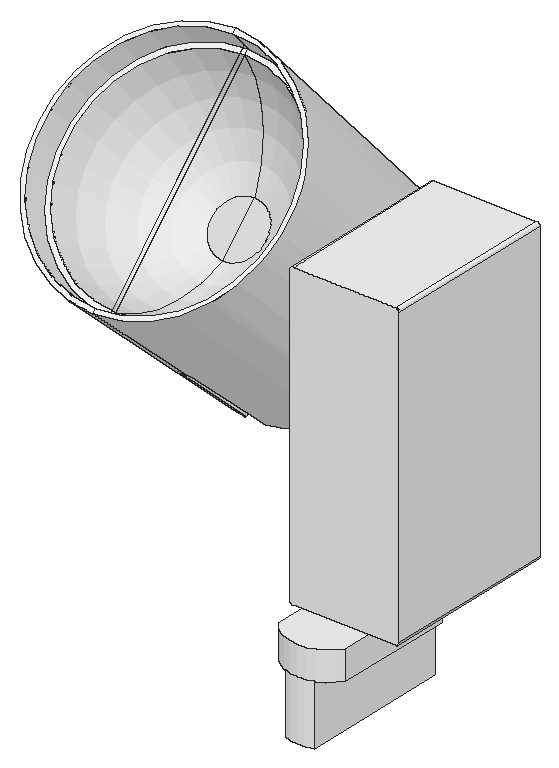
Revit family "0004880 Feilo Sylvania Lighting Fixture START TRACK SPOT L 55W 4K RA90 NB WHITE", category Lighting Fixtures, host Face, Revit 2017 (continued)
Definition of nested family "Start Track Spot Head"
  Types (96, lengths in mm): name | Wattage | built-in parameter 1150134 | Photometric Web File | Model | built-in parameter 1150105 | Lumens | built-in parameter 1150107 | built-in parameter 1150106 | HeadThickness_FEILO | HeadRibOffset_FEILO | HeadRibDepth_FEILO | HeadRibCutWidth_FEILO | HeadRibCutOffset_FEILO | HeadReflectorRadius_FEILO | HeadReflectorOffset_FEILO | HeadLEDRadius_FEILO | HeadHeight_FEILO | HeadDiffusorOffset_FEILO | HeadDiaOut_FEILO | HeadDiaIn_FEILO | HeadAxisFromTop_FEILO | Emit from Circle Diameter | built-in parameter 1150104 | Description | Apparent Load
    0004864 START TRACK SPOT S 24W 3K RA90 WB WHITE | 24 W | (empty or 0) | "0004864.ies" | "START TRACK SPOT S 24W 3K RA90 WB WHITE" | 152.79 (stored number, unit not read) | 1920 lm | 3000 (stored number, unit not read) | 1.5279 (stored number, unit not read) | 1.5 | 4.179 | 55.714 | 7.167 | 50.87 | 50.588 | 55.714 | 9.556 | 117 | 9.435 | 86 | 77.477 | 69.354 | 77.477 | 7.4322 (stored number, unit not read) | "Integrated LED spotlight, Textured White - RAL9016, compact and minimalist design, ideal for retail applications, die-cast aluminium body, passive cooling heatsink. Beam angle: 64°, color temperature: 3000K , total system power: 24W, total fixture output: 1928 lm, LOR: 100%, colour rendering: Ra: 90 typical, LED Chromaticity: 3 step MacAdam ellipse, lifetime: >50000 hours at L70B50, energy class: A++, A+, A, IR/UV free light source without heat radiation, operating voltage: 220-240V / 50-60Hz, drive current: 600mA, electronic driver, non-dimmable, power factor: 0.95, electrical protection: Class II, Global Track 3 Phase adapter suitable for Global trac 3-circuit tracks, ingress protection rating: IP20, suitable for internal environment only, horizontal rotation: 355°, vertical tilt: 90°, dimensions: Ø86x140x200, weight: 0.966kg." | 24 VA
    0004863 START TRACK SPOT S 24W 3K RA90 MB WHITE | 24 W | (empty or 0) | "0004863.ies" | "START TRACK SPOT S 24W 3K RA90 MB WHITE" | 154.7 (stored number, unit not read) | 1944 lm | 3000 (stored number, unit not read) | 1.547 (stored number, unit not read) | 1.5 | 4.179 | 55.714 | 7.167 | 50.87 | 50.588 | 55.714 | 9.556 | 117 | 9.435 | 86 | 77.477 | 69.354 | 77.477 | 7.5251 (stored number, unit not read) | "Integrated LED spotlight, Textured White - RAL9016, compact and minimalist design, ideal for retail applications, die-cast aluminium body, passive cooling heatsink. Beam angle: 36°, color temperature: 3000K , total system power: 24W, total fixture output: 1944 lm, LOR: 100%, colour rendering: Ra: 90 typical, LED Chromaticity: 3 step MacAdam ellipse, lifetime: >50000 hours at L70B50, energy class: A++, A+, A, IR/UV free light source without heat radiation, operating voltage: 220-240V / 50-60Hz, drive current: 600mA, electronic driver, non-dimmable, power factor: 0.95, electrical protection: Class II, Global Track 3 Phase adapter suitable for Global trac 3-circuit tracks, ingress protection rating: IP20, suitable for internal environment only, horizontal rotation: 355°, vertical tilt: 90°, dimensions: Ø86x140x200, weight: 0.966kg." | 24 VA
    0004862 START TRACK SPOT S 24W 3K RA90 NB WHITE | 24 W | (empty or 0) | "0004862.ies" | "START TRACK SPOT S 24W 3K RA90 NB WHITE" | 158.52 (stored number, unit not read) | 1992 lm | 3000 (stored number, unit not read) | 1.5852 (stored number, unit not read) | 1.5 | 4.179 | 55.714 | 7.167 | 50.87 | 50.588 | 55.714 | 9.556 | 117 | 9.435 | 86 | 77.477 | 69.354 | 77.477 | 7.711 (stored number, unit not read) | "Integrated LED spotlight, Textured White - RAL9016, compact and minimalist design, ideal for retail applications, die-cast aluminium body, passive cooling heatsink. Beam angle: 12°, color temperature: 3000K , total system power: 24W, total fixture output: 1987 lm, LOR: 100%, colour rendering: Ra: 90 typical, LED Chromaticity: 3 step MacAdam ellipse, lifetime: >50000 hours at L70B50, energy class: A++, A+, A, IR/UV free light source without heat radiation, operating voltage: 220-240V / 50-60Hz, drive current: 600mA, electronic driver, non-dimmable, power factor: 0.95, electrical protection: Class II, Global Track 3 Phase adapter suitable for Global trac 3-circuit tracks, ingress protection rating: IP20, suitable for internal environment only, horizontal rotation: 355°, vertical tilt: 90°, dimensions: Ø86x140x200, weight: 0.966kg." | 24 VA
    0004861 START TRACK SPOT S 14W 3K RA90 WB WHITE | 14 W | (empty or 0) | "0004861.ies" | "START TRACK SPOT S 14W 3K RA90 WB WHITE" | 100.27 (stored number, unit not read) | 1260 lm | 3000 (stored number, unit not read) | 1.0027 (stored number, unit not read) | 1.5 | 4.179 | 55.714 | 7.167 | 50.87 | 50.588 | 55.714 | 9.556 | 117 | 9.435 | 86 | 77.477 | 69.354 | 77.477 | 8.3613 (stored number, unit not read) | "Integrated LED spotlight, Textured White - RAL9016, compact and minimalist design, ideal for retail applications, die-cast aluminium body, passive cooling heatsink. Beam angle: 64°, color temperature: 3000K , total system power: 14W, total fixture output: 1262 lm, LOR: 100%, colour rendering: Ra: 90 typical, LED Chromaticity: 3 step MacAdam ellipse, lifetime: >50000 hours at L70B50, energy class: A++, A+, A, IR/UV free light source without heat radiation, operating voltage: 220-240V / 50-60Hz, drive current: 350mA, electronic driver, non-dimmable, power factor: 0.92, electrical protection: Class II, Global Track 3 Phase adapter suitable for Global trac 3-circuit tracks, ingress protection rating: IP20, suitable for internal environment only, horizontal rotation: 355°, vertical tilt: 90°, dimensions: Ø86x140x200, weight: 0.940kg." | 14 VA
    0004860 START TRACK SPOT S 14W 3K RA90 MB WHITE | 14 W | (empty or 0) | "0004860.ies" | "START TRACK SPOT S 14W 3K RA90 MB WHITE" | 100.27 (stored number, unit not read) | 1260 lm | 3000 (stored number, unit not read) | 1.0027 (stored number, unit not read) | 1.5 | 4.179 | 55.714 | 7.167 | 50.87 | 50.588 | 55.714 | 9.556 | 117 | 9.435 | 86 | 77.477 | 69.354 | 77.477 | 8.3613 (stored number, unit not read) | "Integrated LED spotlight, Textured White - RAL9016, compact and minimalist design, ideal for retail applications, die-cast aluminium body, passive cooling heatsink. Beam angle: 36°, color temperature: 3000K , total system power: 14W, total fixture output: 1262 lm, LOR: 100%, colour rendering: Ra: 90 typical, LED Chromaticity: 3 step MacAdam ellipse, lifetime: >50000 hours at L70B50, energy class: A++, A+, A, IR/UV free light source without heat radiation, operating voltage: 220-240V / 50-60Hz, drive current: 350mA, electronic driver, non-dimmable, power factor: 0.92, electrical protection: Class II, Global Track 3 Phase adapter suitable for Global trac 3-circuit tracks, ingress protection rating: IP20, suitable for internal environment only, horizontal rotation: 355°, vertical tilt: 90°, dimensions: Ø86x140x200, weight: 0.940kg." | 14 VA
    0004859 START TRACK SPOT S 14W 3K RA90 NB WHITE | 14 W | (empty or 0) | "0004859.ies" | "START TRACK SPOT S 14W 3K RA90 NB WHITE" | 102.5 (stored number, unit not read) | 1288 lm | 3000 (stored number, unit not read) | 1.025 (stored number, unit not read) | 1.5 | 4.179 | 55.714 | 7.167 | 50.87 | 50.588 | 55.714 | 9.556 | 117 | 9.435 | 86 | 77.477 | 69.354 | 77.477 | 8.5471 (stored number, unit not read) | "Integrated LED spotlight, Textured White - RAL9016, compact and minimalist design, ideal for retail applications, die-cast aluminium body, passive cooling heatsink. Beam angle: 12°, color temperature: 3000K , total system power: 14W, total fixture output: 1284 lm, LOR: 100%, colour rendering: Ra: 90 typical, LED Chromaticity: 3 step MacAdam ellipse, lifetime: >50000 hours at L70B50, energy class: A++, A+, A, IR/UV free light source without heat radiation, operating voltage: 220-240V / 50-60Hz, drive current: 350mA, electronic driver, non-dimmable, power factor: 0.92, electrical protection: Class II, Global Track 3 Phase adapter suitable for Global trac 3-circuit tracks, ingress protection rating: IP20, suitable for internal environment only, horizontal rotation: 355°, vertical tilt: 90°, dimensions: Ø86x140x200, weight: 0.940kg." | 14 VA
    0004858 START TRACK SPOT L 55W 4K RA80 WB BLACK | 55 W | 12 | "0004858.ies" | "START TRACK SPOT L 55W 4K RA80 WB BLACK" | 424.55 (stored number, unit not read) | 5335 lm | 4000 (stored number, unit not read) | 4.2455 (stored number, unit not read) | 2 | 4.429 | 59.048 | 9.417 | 53.913 | 66.471 | 59.048 | 12.556 | 124 | 10 | 113 | 101.802 | 73.503 | 101.802 | 9.0116 (stored number, unit not read) | "Integrated LED spotlight, Textured Black - RAL9005, compact and minimalist design, ideal for retail applications, die-cast aluminium body, passive cooling heatsink. Beam angle: 52°, color temperature: 4000K , total system power: 55W, total fixture output: 5320 lm, LOR: 100%, colour rendering: Ra: 80 typical, LED Chromaticity: 3 step MacAdam ellipse, lifetime: >50000 hours at L70B50, energy class: A++, A+, A, IR/UV free light source without heat radiation, operating voltage: 220-240V / 50-60Hz, drive current: 1400mA, electronic driver, non-dimmable, power factor: 0.96, electrical protection: Class II, Global Track 3 Phase adapter suitable for Global trac 3-circuit tracks, ingress protection rating: IP20, suitable for internal environment only, horizontal rotation: 355°, vertical tilt: 90°, dimensions: Ø113x164x240, weight: 1.398kg." | 55 VA
    0004857 START TRACK SPOT L 55W 4K RA80 MB BLACK | 55 W | 12 | "0004857.ies" | "START TRACK SPOT L 55W 4K RA80 MB BLACK" | 428.92 (stored number, unit not read) | 5390 lm | 4000 (stored number, unit not read) | 4.2892 (stored number, unit not read) | 2 | 4.429 | 59.048 | 9.417 | 53.913 | 66.471 | 59.048 | 12.556 | 124 | 10 | 113 | 101.802 | 73.503 | 101.802 | 9.1045 (stored number, unit not read) | "Integrated LED spotlight, Textured Black - RAL9005, compact and minimalist design, ideal for retail applications, die-cast aluminium body, passive cooling heatsink. Beam angle: 38°, color temperature: 4000K , total system power: 55W, total fixture output: 5378 lm, LOR: 100%, colour rendering: Ra: 80 typical, LED Chromaticity: 3 step MacAdam ellipse, lifetime: >50000 hours at L70B50, energy class: A++, A+, A, IR/UV free light source without heat radiation, operating voltage: 220-240V / 50-60Hz, drive current: 1400mA, electronic driver, non-dimmable, power factor: 0.96, electrical protection: Class II, Global Track 3 Phase adapter suitable for Global trac 3-circuit tracks, ingress protection rating: IP20, suitable for internal environment only, horizontal rotation: 355°, vertical tilt: 90°, dimensions: Ø113x164x240, weight: 1.398kg." | 55 VA
    0004856 START TRACK SPOT L 55W 4K RA80 NB BLACK | 55 W | 12 | "0004856.ies" | "START TRACK SPOT L 55W 4K RA80 NB BLACK" | 433.3 (stored number, unit not read) | 5445 lm | 4000 (stored number, unit not read) | 4.333 (stored number, unit not read) | 2 | 4.429 | 59.048 | 9.417 | 53.913 | 66.471 | 59.048 | 12.556 | 124 | 10 | 113 | 101.802 | 73.503 | 101.802 | 9.1974 (stored number, unit not read) | "Integrated LED spotlight, Textured Black - RAL9005, compact and minimalist design, ideal for retail applications, die-cast aluminium body, passive cooling heatsink. Beam angle: 15°, color temperature: 4000K , total system power: 55W, total fixture output: 5426 lm, LOR: 100%, colour rendering: Ra: 80 typical, LED Chromaticity: 3 step MacAdam ellipse, lifetime: >50000 hours at L70B50, energy class: A++, A+, A, IR/UV free light source without heat radiation, operating voltage: 220-240V / 50-60Hz, drive current: 1400mA, electronic driver, non-dimmable, power factor: 0.96, electrical protection: Class II, Global Track 3 Phase adapter suitable for Global trac 3-circuit tracks, ingress protection rating: IP20, suitable for internal environment only, horizontal rotation: 355°, vertical tilt: 90°, dimensions: Ø113x164x240, weight: 1.398kg." | 55 VA
    0004855 START TRACK SPOT L 35W 4K RA80 WB BLACK | 35 W | 12 | "0004855.ies" | "START TRACK SPOT L 35W 4K RA80 WB BLACK" | 320.3 (stored number, unit not read) | 4025 lm | 4000 (stored number, unit not read) | 3.203 (stored number, unit not read) | 2 | 4.429 | 59.048 | 9.417 | 53.913 | 66.471 | 59.048 | 12.556 | 124 | 10 | 113 | 101.802 | 73.503 | 101.802 | 10.684 (stored number, unit not read) | "Integrated LED spotlight, Textured Black - RAL9005, compact and minimalist design, ideal for retail applications, die-cast aluminium body, passive cooling heatsink. Beam angle: 52°, color temperature: 4000K , total system power: 35W, total fixture output: 4010 lm, LOR: 100%, colour rendering: Ra: 80 typical, LED Chromaticity: 3 step MacAdam ellipse, lifetime: >50000 hours at L70B50, energy class: A++, A+, A, IR/UV free light source without heat radiation, operating voltage: 220-240V / 50-60Hz, drive current: 900mA, electronic driver, non-dimmable, power factor: 0.93, electrical protection: Class II, Global Track 3 Phase adapter suitable for Global trac 3-circuit tracks, ingress protection rating: IP20, suitable for internal environment only, horizontal rotation: 355°, vertical tilt: 90°, dimensions: Ø113x164x240, weight: 1.368kg." | 35 VA
    0004854 START TRACK SPOT L 35W 4K RA80 MB BLACK | 35 W | 12 | "0004854.ies" | "START TRACK SPOT L 35W 4K RA80 MB BLACK" | 320.3 (stored number, unit not read) | 4025 lm | 4000 (stored number, unit not read) | 3.203 (stored number, unit not read) | 2 | 4.429 | 59.048 | 9.417 | 53.913 | 66.471 | 59.048 | 12.556 | 124 | 10 | 113 | 101.802 | 73.503 | 101.802 | 10.684 (stored number, unit not read) | "Integrated LED spotlight, Textured Black - RAL9005, compact and minimalist design, ideal for retail applications, die-cast aluminium body, passive cooling heatsink. Beam angle: 38°, color temperature: 4000K , total system power: 35W, total fixture output: 4017 lm, LOR: 100%, colour rendering: Ra: 80 typical, LED Chromaticity: 3 step MacAdam ellipse, lifetime: >50000 hours at L70B50, energy class: A++, A+, A, IR/UV free light source without heat radiation, operating voltage: 220-240V / 50-60Hz, drive current: 900mA, electronic driver, non-dimmable, power factor: 0.93, electrical protection: Class II, Global Track 3 Phase adapter suitable for Global trac 3-circuit tracks, ingress protection rating: IP20, suitable for internal environment only, horizontal rotation: 355°, vertical tilt: 90°, dimensions: Ø113x164x240, weight: 1.368kg." | 35 VA
    0004853 START TRACK SPOT L 35W 4K RA80 NB BLACK | 35 W | 12 | "0004853.ies" | "START TRACK SPOT L 35W 4K RA80 NB BLACK" | 331.44 (stored number, unit not read) | 4165 lm | 4000 (stored number, unit not read) | 3.3144 (stored number, unit not read) | 2 | 4.429 | 59.048 | 9.417 | 53.913 | 66.471 | 59.048 | 12.556 | 124 | 10 | 113 | 101.802 | 73.503 | 101.802 | 11.055 (stored number, unit not read) | "Integrated LED spotlight, Textured Black - RAL9005, compact and minimalist design, ideal for retail applications, die-cast aluminium body, passive cooling heatsink. Beam angle: 15°, color temperature: 4000K , total system power: 35W, total fixture output: 4174 lm, LOR: 100%, colour rendering: Ra: 80 typical, LED Chromaticity: 3 step MacAdam ellipse, lifetime: >50000 hours at L70B50, energy class: A++, A+, A, IR/UV free light source without heat radiation, operating voltage: 220-240V / 50-60Hz, drive current: 900mA, electronic driver, non-dimmable, power factor: 0.93, electrical protection: Class II, Global Track 3 Phase adapter suitable for Global trac 3-circuit tracks, ingress protection rating: IP20, suitable for internal environment only, horizontal rotation: 355°, vertical tilt: 90°, dimensions: Ø113x164x240, weight: 1.368kg." | 35 VA
    0004852 START TRACK SPOT S 24W 4K RA80 WB BLACK | 24 W | 12 | "0004852.ies" | "START TRACK SPOT S 24W 4K RA80 WB BLACK" | 196.72 (stored number, unit not read) | 2472 lm | 4000 (stored number, unit not read) | 1.9672 (stored number, unit not read) | 1.5 | 4.179 | 55.714 | 7.167 | 50.87 | 50.588 | 55.714 | 9.556 | 117 | 9.435 | 86 | 77.477 | 69.354 | 77.477 | 9.569 (stored number, unit not read) | "Integrated LED spotlight, Textured Black - RAL9005, compact and minimalist design, ideal for retail applications, die-cast aluminium body, passive cooling heatsink. Beam angle: 64°, color temperature: 4000K , total system power: 24W, total fixture output: 2476 lm, LOR: 100%, colour rendering: Ra: 80 typical, LED Chromaticity: 3 step MacAdam ellipse, lifetime: >50000 hours at L70B50, energy class: A++, A+, A, IR/UV free light source without heat radiation, operating voltage: 220-240V / 50-60Hz, drive current: 600mA, electronic driver, non-dimmable, power factor: 0.95, electrical protection: Class II, Global Track 3 Phase adapter suitable for Global trac 3-circuit tracks, ingress protection rating: IP20, suitable for internal environment only, horizontal rotation: 355°, vertical tilt: 90°, dimensions: Ø86x140x200, weight: 0.966kg." | 24 VA
    0004851 START TRACK SPOT S 24W 4K RA80 MB BLACK | 24 W | 12 | "0004851.ies" | "START TRACK SPOT S 24W 4K RA80 MB BLACK" | 198.63 (stored number, unit not read) | 2496 lm | 4000 (stored number, unit not read) | 1.9863 (stored number, unit not read) | 1.5 | 4.179 | 55.714 | 7.167 | 50.87 | 50.588 | 55.714 | 9.556 | 117 | 9.435 | 86 | 77.477 | 69.354 | 77.477 | 9.6619 (stored number, unit not read) | "Integrated LED spotlight, Textured Black - RAL9005, compact and minimalist design, ideal for retail applications, die-cast aluminium body, passive cooling heatsink. Beam angle: 36°, color temperature: 4000K , total system power: 24W, total fixture output: 2487 lm, LOR: 100%, colour rendering: Ra: 80 typical, LED Chromaticity: 3 step MacAdam ellipse, lifetime: >50000 hours at L70B50, energy class: A++, A+, A, IR/UV free light source without heat radiation, operating voltage: 220-240V / 50-60Hz, drive current: 600mA, electronic driver, non-dimmable, power factor: 0.95, electrical protection: Class II, Global Track 3 Phase adapter suitable for Global trac 3-circuit tracks, ingress protection rating: IP20, suitable for internal environment only, horizontal rotation: 355°, vertical tilt: 90°, dimensions: Ø86x140x200, weight: 0.966kg." | 24 VA
    0004850 START TRACK SPOT S 24W 4K RA80 NB BLACK | 24 W | 12 | "0004850.ies" | "START TRACK SPOT S 24W 4K RA80 NB BLACK" | 200.54 (stored number, unit not read) | 2520 lm | 4000 (stored number, unit not read) | 2.0054 (stored number, unit not read) | 1.5 | 4.179 | 55.714 | 7.167 | 50.87 | 50.588 | 55.714 | 9.556 | 117 | 9.435 | 86 | 77.477 | 69.354 | 77.477 | 9.7548 (stored number, unit not read) | "Integrated LED spotlight, Textured Black - RAL9005, compact and minimalist design, ideal for retail applications, die-cast aluminium body, passive cooling heatsink. Beam angle: 12°, color temperature: 4000K , total system power: 24W, total fixture output: 2529 lm, LOR: 100%, colour rendering: Ra: 80 typical, LED Chromaticity: 3 step MacAdam ellipse, lifetime: >50000 hours at L70B50, energy class: A++, A+, A, IR/UV free light source without heat radiation, operating voltage: 220-240V / 50-60Hz, drive current: 600mA, electronic driver, non-dimmable, power factor: 0.95, electrical protection: Class II, Global Track 3 Phase adapter suitable for Global trac 3-circuit tracks, ingress protection rating: IP20, suitable for internal environment only, horizontal rotation: 355°, vertical tilt: 90°, dimensions: Ø86x140x200, weight: 0.966kg." | 24 VA
    0004849 START TRACK SPOT S 14W 4K RA80 WB BLACK | 14 W | 12 | "0004849.ies" | "START TRACK SPOT S 14W 4K RA80 WB BLACK" | 123.66 (stored number, unit not read) | 1554 lm | 4000 (stored number, unit not read) | 1.2366 (stored number, unit not read) | 1.5 | 4.179 | 55.714 | 7.167 | 50.87 | 50.588 | 55.714 | 9.556 | 117 | 9.435 | 86 | 77.477 | 69.354 | 77.477 | 10.312 (stored number, unit not read) | "Integrated LED spotlight, Textured Black - RAL9005, compact and minimalist design, ideal for retail applications, die-cast aluminium body, passive cooling heatsink. Beam angle: 64°, color temperature: 4000K , total system power: 14W, total fixture output: 1558 lm, LOR: 100%, colour rendering: Ra: 80 typical, LED Chromaticity: 3 step MacAdam ellipse, lifetime: >50000 hours at L70B50, energy class: A++, A+, A, IR/UV free light source without heat radiation, operating voltage: 220-240V / 50-60Hz, drive current: 350mA, electronic driver, non-dimmable, power factor: 0.92, electrical protection: Class II, Global Track 3 Phase adapter suitable for Global trac 3-circuit tracks, ingress protection rating: IP20, suitable for internal environment only, horizontal rotation: 355°, vertical tilt: 90°, dimensions: Ø86x140x200, weight: 0.940kg." | 14 VA
    0004848 START TRACK SPOT S 14W 4K RA80 MB BLACK | 14 W | 12 | "0004848.ies" | "START TRACK SPOT S 14W 4K RA80 MB BLACK" | 127.01 (stored number, unit not read) | 1596 lm | 4000 (stored number, unit not read) | 1.2701 (stored number, unit not read) | 1.5 | 4.179 | 55.714 | 7.167 | 50.87 | 50.588 | 55.714 | 9.556 | 117 | 9.435 | 86 | 77.477 | 69.354 | 77.477 | 10.591 (stored number, unit not read) | "Integrated LED spotlight, Textured Black - RAL9005, compact and minimalist design, ideal for retail applications, die-cast aluminium body, passive cooling heatsink. Beam angle: 36°, color temperature: 4000K , total system power: 14W, total fixture output: 1598 lm, LOR: 100%, colour rendering: Ra: 80 typical, LED Chromaticity: 3 step MacAdam ellipse, lifetime: >50000 hours at L70B50, energy class: A++, A+, A, IR/UV free light source without heat radiation, operating voltage: 220-240V / 50-60Hz, drive current: 350mA, electronic driver, non-dimmable, power factor: 0.92, electrical protection: Class II, Global Track 3 Phase adapter suitable for Global trac 3-circuit tracks, ingress protection rating: IP20, suitable for internal environment only, horizontal rotation: 355°, vertical tilt: 90°, dimensions: Ø86x140x200, weight: 0.940kg." | 14 VA
    0004847 START TRACK SPOT S 14W 4K RA80 NB BLACK | 14 W | 12 | "0004847.ies" | "START TRACK SPOT S 14W 4K RA80 NB BLACK" | 128.12 (stored number, unit not read) | 1610 lm | 4000 (stored number, unit not read) | 1.2812 (stored number, unit not read) | 1.5 | 4.179 | 55.714 | 7.167 | 50.87 | 50.588 | 55.714 | 9.556 | 117 | 9.435 | 86 | 77.477 | 69.354 | 77.477 | 10.684 (stored number, unit not read) | "Integrated LED spotlight, Textured Black - RAL9005, compact and minimalist design, ideal for retail applications, die-cast aluminium body, passive cooling heatsink. Beam angle: 12°, color temperature: 4000K , total system power: 14W, total fixture output: 1608 lm, LOR: 100%, colour rendering: Ra: 80 typical, LED Chromaticity: 3 step MacAdam ellipse, lifetime: >50000 hours at L70B50, energy class: A++, A+, A, IR/UV free light source without heat radiation, operating voltage: 220-240V / 50-60Hz, drive current: 350mA, electronic driver, non-dimmable, power factor: 0.92, electrical protection: Class II, Global Track 3 Phase adapter suitable for Global trac 3-circuit tracks, ingress protection rating: IP20, suitable for internal environment only, horizontal rotation: 355°, vertical tilt: 90°, dimensions: Ø86x140x200, weight: 0.940kg." | 14 VA
    0004846 START TRACK SPOT L 55W 3K RA80 WB BLACK | 55 W | (empty or 0) | "0004846.ies" | "START TRACK SPOT L 55W 3K RA80 WB BLACK" | 420.17 (stored number, unit not read) | 5280 lm | 3000 (stored number, unit not read) | 4.2017 (stored number, unit not read) | 2 | 4.429 | 59.048 | 9.417 | 53.913 | 66.471 | 59.048 | 12.556 | 124 | 10 | 113 | 101.802 | 73.503 | 101.802 | 8.9187 (stored number, unit not read) | "Integrated LED spotlight, Textured Black - RAL9005, compact and minimalist design, ideal for retail applications, die-cast aluminium body, passive cooling heatsink. Beam angle: 52°, color temperature: 3000K , total system power: 55W, total fixture output: 5298 lm, LOR: 100%, colour rendering: Ra: 80 typical, LED Chromaticity: 3 step MacAdam ellipse, lifetime: >50000 hours at L70B50, energy class: A++, A+, A, IR/UV free light source without heat radiation, operating voltage: 220-240V / 50-60Hz, drive current: 1400mA, electronic driver, non-dimmable, power factor: 0.96, electrical protection: Class II, Global Track 3 Phase adapter suitable for Global trac 3-circuit tracks, ingress protection rating: IP20, suitable for internal environment only, horizontal rotation: 355°, vertical tilt: 90°, dimensions: Ø113x164x240, weight: 1.398kg." | 55 VA
    0004845 START TRACK SPOT L 55W 3K RA80 MB BLACK | 55 W | (empty or 0) | "0004845.ies" | "START TRACK SPOT L 55W 3K RA80 MB BLACK" | 428.92 (stored number, unit not read) | 5390 lm | 3000 (stored number, unit not read) | 4.2892 (stored number, unit not read) | 2 | 4.429 | 59.048 | 9.417 | 53.913 | 66.471 | 59.048 | 12.556 | 124 | 10 | 113 | 101.802 | 73.503 | 101.802 | 9.1045 (stored number, unit not read) | "Integrated LED spotlight, Textured Black - RAL9005, compact and minimalist design, ideal for retail applications, die-cast aluminium body, passive cooling heatsink. Beam angle: 38°, color temperature: 3000K , total system power: 55W, total fixture output: 5381 lm, LOR: 100%, colour rendering: Ra: 80 typical, LED Chromaticity: 3 step MacAdam ellipse, lifetime: >50000 hours at L70B50, energy class: A++, A+, A, IR/UV free light source without heat radiation, operating voltage: 220-240V / 50-60Hz, drive current: 1400mA, electronic driver, non-dimmable, power factor: 0.96, electrical protection: Class II, Global Track 3 Phase adapter suitable for Global trac 3-circuit tracks, ingress protection rating: IP20, suitable for internal environment only, horizontal rotation: 355°, vertical tilt: 90°, dimensions: Ø113x164x240, weight: 1.398kg." | 55 VA
    0004844 START TRACK SPOT L 55W 3K RA80 NB BLACK | 55 W | (empty or 0) | "0004844.ies" | "START TRACK SPOT L 55W 3K RA80 NB BLACK" | 433.3 (stored number, unit not read) | 5445 lm | 3000 (stored number, unit not read) | 4.333 (stored number, unit not read) | 2 | 4.429 | 59.048 | 9.417 | 53.913 | 66.471 | 59.048 | 12.556 | 124 | 10 | 113 | 101.802 | 73.503 | 101.802 | 9.1974 (stored number, unit not read) | "Integrated LED spotlight, Textured Black - RAL9005, compact and minimalist design, ideal for retail applications, die-cast aluminium body, passive cooling heatsink. Beam angle: 15°, color temperature: 3000K , total system power: 55W, total fixture output: 5449 lm, LOR: 100%, colour rendering: Ra: 80 typical, LED Chromaticity: 3 step MacAdam ellipse, lifetime: >50000 hours at L70B50, energy class: A++, A+, A, IR/UV free light source without heat radiation, operating voltage: 220-240V / 50-60Hz, drive current: 1400mA, electronic driver, non-dimmable, power factor: 0.96, electrical protection: Class II, Global Track 3 Phase adapter suitable for Global trac 3-circuit tracks, ingress protection rating: IP20, suitable for internal environment only, horizontal rotation: 355°, vertical tilt: 90°, dimensions: Ø113x164x240, weight: 1.398kg." | 55 VA
    0004843 START TRACK SPOT L 35W 3K RA80 WB BLACK | 35 W | (empty or 0) | "0004843.ies" | "START TRACK SPOT L 35W 3K RA80 WB BLACK" | 314.73 (stored number, unit not read) | 3955 lm | 3000 (stored number, unit not read) | 3.1473 (stored number, unit not read) | 2 | 4.429 | 59.048 | 9.417 | 53.913 | 66.471 | 59.048 | 12.556 | 124 | 10 | 113 | 101.802 | 73.503 | 101.802 | 10.498 (stored number, unit not read) | "Integrated LED spotlight, Textured Black - RAL9005, compact and minimalist design, ideal for retail applications, die-cast aluminium body, passive cooling heatsink. Beam angle: 52°, color temperature: 3000K , total system power: 35W, total fixture output: 3943 lm, LOR: 100%, colour rendering: Ra: 80 typical, LED Chromaticity: 3 step MacAdam ellipse, lifetime: >50000 hours at L70B50, energy class: A++, A+, A, IR/UV free light source without heat radiation, operating voltage: 220-240V / 50-60Hz, drive current: 900mA, electronic driver, non-dimmable, power factor: 0.93, electrical protection: Class II, Global Track 3 Phase adapter suitable for Global trac 3-circuit tracks, ingress protection rating: IP20, suitable for internal environment only, horizontal rotation: 355°, vertical tilt: 90°, dimensions: Ø113x164x240, weight: 1.368kg." | 35 VA
    0004842 START TRACK SPOT L 35W 3K RA80 MB BLACK | 35 W | (empty or 0) | "0004842.ies" | "START TRACK SPOT L 35W 3K RA80 MB BLACK" | 320.3 (stored number, unit not read) | 4025 lm | 3000 (stored number, unit not read) | 3.203 (stored number, unit not read) | 2 | 4.429 | 59.048 | 9.417 | 53.913 | 66.471 | 59.048 | 12.556 | 124 | 10 | 113 | 101.802 | 73.503 | 101.802 | 10.684 (stored number, unit not read) | "Integrated LED spotlight, Textured Black - RAL9005, compact and minimalist design, ideal for retail applications, die-cast aluminium body, passive cooling heatsink. Beam angle: 38°, color temperature: 3000K , total system power: 35W, total fixture output: 4008 lm, LOR: 100%, colour rendering: Ra: 80 typical, LED Chromaticity: 3 step MacAdam ellipse, lifetime: >50000 hours at L70B50, energy class: A++, A+, A, IR/UV free light source without heat radiation, operating voltage: 220-240V / 50-60Hz, drive current: 900mA, electronic driver, non-dimmable, power factor: 0.93, electrical protection: Class II, Global Track 3 Phase adapter suitable for Global trac 3-circuit tracks, ingress protection rating: IP20, suitable for internal environment only, horizontal rotation: 355°, vertical tilt: 90°, dimensions: Ø113x164x240, weight: 1.368kg." | 35 VA
    0004841 START TRACK SPOT L 35W 3K RA80 NB BLACK | 35 W | (empty or 0) | "0004841.ies" | "START TRACK SPOT L 35W 3K RA80 NB BLACK" | 317.51 (stored number, unit not read) | 3990 lm | 3000 (stored number, unit not read) | 3.1751 (stored number, unit not read) | 2 | 4.429 | 59.048 | 9.417 | 53.913 | 66.471 | 59.048 | 12.556 | 124 | 10 | 113 | 101.802 | 73.503 | 101.802 | 10.591 (stored number, unit not read) | "Integrated LED spotlight, Textured Black - RAL9005, compact and minimalist design, ideal for retail applications, die-cast aluminium body, passive cooling heatsink. Beam angle: 15°, color temperature: 3000K , total system power: 35W, total fixture output: 4005 lm, LOR: 100%, colour rendering: Ra: 80 typical, LED Chromaticity: 3 step MacAdam ellipse, lifetime: >50000 hours at L70B50, energy class: A++, A+, A, IR/UV free light source without heat radiation, operating voltage: 220-240V / 50-60Hz, drive current: 900mA, electronic driver, non-dimmable, power factor: 0.93, electrical protection: Class II, Global Track 3 Phase adapter suitable for Global trac 3-circuit tracks, ingress protection rating: IP20, suitable for internal environment only, horizontal rotation: 355°, vertical tilt: 90°, dimensions: Ø113x164x240, weight: 1.368kg." | 35 VA
    0004840 START TRACK SPOT S 24W 3K RA80 WB BLACK | 24 W | (empty or 0) | "0004840.ies" | "START TRACK SPOT S 24W 3K RA80 WB BLACK" | 185.26 (stored number, unit not read) | 2328 lm | 3000 (stored number, unit not read) | 1.8526 (stored number, unit not read) | 1.5 | 4.179 | 55.714 | 7.167 | 50.87 | 50.588 | 55.714 | 9.556 | 117 | 9.435 | 86 | 77.477 | 69.354 | 77.477 | 9.0116 (stored number, unit not read) | "Integrated LED spotlight, Textured Black - RAL9005, compact and minimalist design, ideal for retail applications, die-cast aluminium body, passive cooling heatsink. Beam angle: 64°, color temperature: 3000K , total system power: 24W, total fixture output: 2318 lm, LOR: 100%, colour rendering: Ra: 80 typical, LED Chromaticity: 3 step MacAdam ellipse, lifetime: >50000 hours at L70B50, energy class: A++, A+, A, IR/UV free light source without heat radiation, operating voltage: 220-240V / 50-60Hz, drive current: 600mA, electronic driver, non-dimmable, power factor: 0.95, electrical protection: Class II, Global Track 3 Phase adapter suitable for Global trac 3-circuit tracks, ingress protection rating: IP20, suitable for internal environment only, horizontal rotation: 355°, vertical tilt: 90°, dimensions: Ø86x140x200, weight: 0.966kg." | 24 VA
    0004839 START TRACK SPOT S 24W 3K RA80 MB BLACK | 24 W | (empty or 0) | "0004839.ies" | "START TRACK SPOT S 24W 3K RA80 MB BLACK" | 183.35 (stored number, unit not read) | 2304 lm | 3000 (stored number, unit not read) | 1.8335 (stored number, unit not read) | 1.5 | 4.179 | 55.714 | 7.167 | 50.87 | 50.588 | 55.714 | 9.556 | 117 | 9.435 | 86 | 77.477 | 69.354 | 77.477 | 8.9187 (stored number, unit not read) | "Integrated LED spotlight, Textured Black - RAL9005, compact and minimalist design, ideal for retail applications, die-cast aluminium body, passive cooling heatsink. Beam angle: 36°, color temperature: 3000K , total system power: 24W, total fixture output: 2314 lm, LOR: 100%, colour rendering: Ra: 80 typical, LED Chromaticity: 3 step MacAdam ellipse, lifetime: >50000 hours at L70B50, energy class: A++, A+, A, IR/UV free light source without heat radiation, operating voltage: 220-240V / 50-60Hz, drive current: 600mA, electronic driver, non-dimmable, power factor: 0.95, electrical protection: Class II, Global Track 3 Phase adapter suitable for Global trac 3-circuit tracks, ingress protection rating: IP20, suitable for internal environment only, horizontal rotation: 355°, vertical tilt: 90°, dimensions: Ø86x140x200, weight: 0.966kg." | 24 VA
    0004838 START TRACK SPOT S 24W 3K RA80 NB BLACK | 24 W | (empty or 0) | "0004838.ies" | "START TRACK SPOT S 24W 3K RA80 NB BLACK" | 185.26 (stored number, unit not read) | 2328 lm | 3000 (stored number, unit not read) | 1.8526 (stored number, unit not read) | 1.5 | 4.179 | 55.714 | 7.167 | 50.87 | 50.588 | 55.714 | 9.556 | 117 | 9.435 | 86 | 77.477 | 69.354 | 77.477 | 9.0116 (stored number, unit not read) | "Integrated LED spotlight, Textured Black - RAL9005, compact and minimalist design, ideal for retail applications, die-cast aluminium body, passive cooling heatsink. Beam angle: 12°, color temperature: 3000K , total system power: 24W, total fixture output: 2334 lm, LOR: 100%, colour rendering: Ra: 80 typical, LED Chromaticity: 3 step MacAdam ellipse, lifetime: >50000 hours at L70B50, energy class: A++, A+, A, IR/UV free light source without heat radiation, operating voltage: 220-240V / 50-60Hz, drive current: 600mA, electronic driver, non-dimmable, power factor: 0.95, electrical protection: Class II, Global Track 3 Phase adapter suitable for Global trac 3-circuit tracks, ingress protection rating: IP20, suitable for internal environment only, horizontal rotation: 355°, vertical tilt: 90°, dimensions: Ø86x140x200, weight: 0.966kg." | 24 VA
    0004837 START TRACK SPOT S 14W 3K RA80 WB BLACK | 14 W | (empty or 0) | "0004837.ies" | "START TRACK SPOT S 14W 3K RA80 WB BLACK" | 119.21 (stored number, unit not read) | 1498 lm | 3000 (stored number, unit not read) | 1.1921 (stored number, unit not read) | 1.5 | 4.179 | 55.714 | 7.167 | 50.87 | 50.588 | 55.714 | 9.556 | 117 | 9.435 | 86 | 77.477 | 69.354 | 77.477 | 9.9406 (stored number, unit not read) | "Integrated LED spotlight, Textured Black - RAL9005, compact and minimalist design, ideal for retail applications, die-cast aluminium body, passive cooling heatsink. Beam angle: 64°, color temperature: 3000K , total system power: 14W, total fixture output: 1498 lm, LOR: 100%, colour rendering: Ra: 80 typical, LED Chromaticity: 3 step MacAdam ellipse, lifetime: >50000 hours at L70B50, energy class: A++, A+, A, IR/UV free light source without heat radiation, operating voltage: 220-240V / 50-60Hz, drive current: 350mA, electronic driver, non-dimmable, power factor: 0.92, electrical protection: Class II, Global Track 3 Phase adapter suitable for Global trac 3-circuit tracks, ingress protection rating: IP20, suitable for internal environment only, horizontal rotation: 355°, vertical tilt: 90°, dimensions: Ø86x140x200, weight: 0.940kg." | 14 VA
    0004836 START TRACK SPOT S 14W 3K RA80 MB BLACK | 14 W | (empty or 0) | "0004836.ies" | "START TRACK SPOT S 14W 3K RA80 MB BLACK" | 120.32 (stored number, unit not read) | 1512 lm | 3000 (stored number, unit not read) | 1.2032 (stored number, unit not read) | 1.5 | 4.179 | 55.714 | 7.167 | 50.87 | 50.588 | 55.714 | 9.556 | 117 | 9.435 | 86 | 77.477 | 69.354 | 77.477 | 10.034 (stored number, unit not read) | "Integrated LED spotlight, Textured Black - RAL9005, compact and minimalist design, ideal for retail applications, die-cast aluminium body, passive cooling heatsink. Beam angle: 36°, color temperature: 3000K , total system power: 14W, total fixture output: 1508 lm, LOR: 100%, colour rendering: Ra: 80 typical, LED Chromaticity: 3 step MacAdam ellipse, lifetime: >50000 hours at L70B50, energy class: A++, A+, A, IR/UV free light source without heat radiation, operating voltage: 220-240V / 50-60Hz, drive current: 350mA, electronic driver, non-dimmable, power factor: 0.92, electrical protection: Class II, Global Track 3 Phase adapter suitable for Global trac 3-circuit tracks, ingress protection rating: IP20, suitable for internal environment only, horizontal rotation: 355°, vertical tilt: 90°, dimensions: Ø86x140x200, weight: 0.940kg." | 14 VA
    0004835 START TRACK SPOT S 14W 3K RA80 NB BLACK | 14 W | (empty or 0) | "0004835.ies" | "START TRACK SPOT S 14W 3K RA80 NB BLACK" | 123.66 (stored number, unit not read) | 1554 lm | 3000 (stored number, unit not read) | 1.2366 (stored number, unit not read) | 1.5 | 4.179 | 55.714 | 7.167 | 50.87 | 50.588 | 55.714 | 9.556 | 117 | 9.435 | 86 | 77.477 | 69.354 | 77.477 | 10.312 (stored number, unit not read) | "Integrated LED spotlight, Textured Black - RAL9005, compact and minimalist design, ideal for retail applications, die-cast aluminium body, passive cooling heatsink. Beam angle: 12°, color temperature: 3000K , total system power: 14W, total fixture output: 1551 lm, LOR: 100%, colour rendering: Ra: 80 typical, LED Chromaticity: 3 step MacAdam ellipse, lifetime: >50000 hours at L70B50, energy class: A++, A+, A, IR/UV free light source without heat radiation, operating voltage: 220-240V / 50-60Hz, drive current: 350mA, electronic driver, non-dimmable, power factor: 0.92, electrical protection: Class II, Global Track 3 Phase adapter suitable for Global trac 3-circuit tracks, ingress protection rating: IP20, suitable for internal environment only, horizontal rotation: 355°, vertical tilt: 90°, dimensions: Ø86x140x200, weight: 0.940kg." | 14 VA
    0004834 START TRACK SPOT L 55W 4K RA80 WB WHITE | 55 W | 12 | "0004834.ies" | "START TRACK SPOT L 55W 4K RA80 WB WHITE" | 424.55 (stored number, unit not read) | 5335 lm | 4000 (stored number, unit not read) | 4.2455 (stored number, unit not read) | 2 | 4.429 | 59.048 | 9.417 | 53.913 | 66.471 | 59.048 | 12.556 | 124 | 10 | 113 | 101.802 | 73.503 | 101.802 | 9.0116 (stored number, unit not read) | "Integrated LED spotlight, Textured White - RAL9016, compact and minimalist design, ideal for retail applications, die-cast aluminium body, passive cooling heatsink. Beam angle: 52°, color temperature: 4000K , total system power: 55W, total fixture output: 5320 lm, LOR: 100%, colour rendering: Ra: 80 typical, LED Chromaticity: 3 step MacAdam ellipse, lifetime: >50000 hours at L70B50, energy class: A++, A+, A, IR/UV free light source without heat radiation, operating voltage: 220-240V / 50-60Hz, drive current: 1400mA, electronic driver, non-dimmable, power factor: 0.96, electrical protection: Class II, Global Track 3 Phase adapter suitable for Global trac 3-circuit tracks, ingress protection rating: IP20, suitable for internal environment only, horizontal rotation: 355°, vertical tilt: 90°, dimensions: Ø113x164x240, weight: 1.398kg." | 55 VA
    0004833 START TRACK SPOT L 55W 4K RA80 MB WHITE | 55 W | 12 | "0004833.ies" | "START TRACK SPOT L 55W 4K RA80 MB WHITE" | 428.92 (stored number, unit not read) | 5390 lm | 4000 (stored number, unit not read) | 4.2892 (stored number, unit not read) | 2 | 4.429 | 59.048 | 9.417 | 53.913 | 66.471 | 59.048 | 12.556 | 124 | 10 | 113 | 101.802 | 73.503 | 101.802 | 9.1045 (stored number, unit not read) | "Integrated LED spotlight, Textured White - RAL9016, compact and minimalist design, ideal for retail applications, die-cast aluminium body, passive cooling heatsink. Beam angle: 38°, color temperature: 4000K , total system power: 55W, total fixture output: 5378 lm, LOR: 100%, colour rendering: Ra: 80 typical, LED Chromaticity: 3 step MacAdam ellipse, lifetime: >50000 hours at L70B50, energy class: A++, A+, A, IR/UV free light source without heat radiation, operating voltage: 220-240V / 50-60Hz, drive current: 1400mA, electronic driver, non-dimmable, power factor: 0.96, electrical protection: Class II, Global Track 3 Phase adapter suitable for Global trac 3-circuit tracks, ingress protection rating: IP20, suitable for internal environment only, horizontal rotation: 355°, vertical tilt: 90°, dimensions: Ø113x164x240, weight: 1.398kg." | 55 VA
    0004832 START TRACK SPOT L 55W 4K RA80 NB WHITE | 55 W | 12 | "0004832.ies" | "START TRACK SPOT L 55W 4K RA80 NB WHITE" | 433.3 (stored number, unit not read) | 5445 lm | 4000 (stored number, unit not read) | 4.333 (stored number, unit not read) | 2 | 4.429 | 59.048 | 9.417 | 53.913 | 66.471 | 59.048 | 12.556 | 124 | 10 | 113 | 101.802 | 73.503 | 101.802 | 9.1974 (stored number, unit not read) | "Integrated LED spotlight, Textured White - RAL9016, compact and minimalist design, ideal for retail applications, die-cast aluminium body, passive cooling heatsink. Beam angle: 15°, color temperature: 4000K , total system power: 55W, total fixture output: 5426 lm, LOR: 100%, colour rendering: Ra: 80 typical, LED Chromaticity: 3 step MacAdam ellipse, lifetime: >50000 hours at L70B50, energy class: A++, A+, A, IR/UV free light source without heat radiation, operating voltage: 220-240V / 50-60Hz, drive current: 1400mA, electronic driver, non-dimmable, power factor: 0.96, electrical protection: Class II, Global Track 3 Phase adapter suitable for Global trac 3-circuit tracks, ingress protection rating: IP20, suitable for internal environment only, horizontal rotation: 355°, vertical tilt: 90°, dimensions: Ø113x164x240, weight: 1.398kg." | 55 VA
    0004831 START TRACK SPOT L 35W 4K RA80 WB WHITE | 35 W | 12 | "0004831.ies" | "START TRACK SPOT L 35W 4K RA80 WB WHITE" | 320.3 (stored number, unit not read) | 4025 lm | 4000 (stored number, unit not read) | 3.203 (stored number, unit not read) | 2 | 4.429 | 59.048 | 9.417 | 53.913 | 66.471 | 59.048 | 12.556 | 124 | 10 | 113 | 101.802 | 73.503 | 101.802 | 10.684 (stored number, unit not read) | "Integrated LED spotlight, Textured White - RAL9016, compact and minimalist design, ideal for retail applications, die-cast aluminium body, passive cooling heatsink. Beam angle: 52°, color temperature: 4000K , total system power: 35W, total fixture output: 4010 lm, LOR: 100%, colour rendering: Ra: 80 typical, LED Chromaticity: 3 step MacAdam ellipse, lifetime: >50000 hours at L70B50, energy class: A++, A+, A, IR/UV free light source without heat radiation, operating voltage: 220-240V / 50-60Hz, drive current: 900mA, electronic driver, non-dimmable, power factor: 0.93, electrical protection: Class II, Global Track 3 Phase adapter suitable for Global trac 3-circuit tracks, ingress protection rating: IP20, suitable for internal environment only, horizontal rotation: 355°, vertical tilt: 90°, dimensions: Ø113x164x240, weight: 1.368kg." | 35 VA
    0004830 START TRACK SPOT L 35W 4K RA80 MB WHITE | 35 W | 12 | "0004830.ies" | "START TRACK SPOT L 35W 4K RA80 MB WHITE" | 320.3 (stored number, unit not read) | 4025 lm | 4000 (stored number, unit not read) | 3.203 (stored number, unit not read) | 2 | 4.429 | 59.048 | 9.417 | 53.913 | 66.471 | 59.048 | 12.556 | 124 | 10 | 113 | 101.802 | 73.503 | 101.802 | 10.684 (stored number, unit not read) | "Integrated LED spotlight, Textured White - RAL9016, compact and minimalist design, ideal for retail applications, die-cast aluminium body, passive cooling heatsink. Beam angle: 38°, color temperature: 4000K , total system power: 35W, total fixture output: 4017 lm, LOR: 100%, colour rendering: Ra: 80 typical, LED Chromaticity: 3 step MacAdam ellipse, lifetime: >50000 hours at L70B50, energy class: A++, A+, A, IR/UV free light source without heat radiation, operating voltage: 220-240V / 50-60Hz, drive current: 900mA, electronic driver, non-dimmable, power factor: 0.93, electrical protection: Class II, Global Track 3 Phase adapter suitable for Global trac 3-circuit tracks, ingress protection rating: IP20, suitable for internal environment only, horizontal rotation: 355°, vertical tilt: 90°, dimensions: Ø113x164x240, weight: 1.368kg." | 35 VA
    0004829 START TRACK SPOT L 35W 4K RA80 NB WHITE | 35 W | 12 | "0004829.ies" | "START TRACK SPOT L 35W 4K RA80 NB WHITE" | 331.44 (stored number, unit not read) | 4165 lm | 4000 (stored number, unit not read) | 3.3144 (stored number, unit not read) | 2 | 4.429 | 59.048 | 9.417 | 53.913 | 66.471 | 59.048 | 12.556 | 124 | 10 | 113 | 101.802 | 73.503 | 101.802 | 11.055 (stored number, unit not read) | "Integrated LED spotlight, Textured White - RAL9016, compact and minimalist design, ideal for retail applications, die-cast aluminium body, passive cooling heatsink. Beam angle: 15°, color temperature: 4000K , total system power: 35W, total fixture output: 4174 lm, LOR: 100%, colour rendering: Ra: 80 typical, LED Chromaticity: 3 step MacAdam ellipse, lifetime: >50000 hours at L70B50, energy class: A++, A+, A, IR/UV free light source without heat radiation, operating voltage: 220-240V / 50-60Hz, drive current: 900mA, electronic driver, non-dimmable, power factor: 0.93, electrical protection: Class II, Global Track 3 Phase adapter suitable for Global trac 3-circuit tracks, ingress protection rating: IP20, suitable for internal environment only, horizontal rotation: 355°, vertical tilt: 90°, dimensions: Ø113x164x240, weight: 1.368kg." | 35 VA
    0004828 START TRACK SPOT S 24W 4K RA80 WB WHITE | 24 W | 12 | "0004828.ies" | "START TRACK SPOT S 24W 4K RA80 WB WHITE" | 196.72 (stored number, unit not read) | 2472 lm | 4000 (stored number, unit not read) | 1.9672 (stored number, unit not read) | 1.5 | 4.179 | 55.714 | 7.167 | 50.87 | 50.588 | 55.714 | 9.556 | 117 | 9.435 | 86 | 77.477 | 69.354 | 77.477 | 9.569 (stored number, unit not read) | "Integrated LED spotlight, Textured White - RAL9016, compact and minimalist design, ideal for retail applications, die-cast aluminium body, passive cooling heatsink. Beam angle: 64°, color temperature: 4000K , total system power: 24W, total fixture output: 2476 lm, LOR: 100%, colour rendering: Ra: 80 typical, LED Chromaticity: 3 step MacAdam ellipse, lifetime: >50000 hours at L70B50, energy class: A++, A+, A, IR/UV free light source without heat radiation, operating voltage: 220-240V / 50-60Hz, drive current: 600mA, electronic driver, non-dimmable, power factor: 0.95, electrical protection: Class II, Global Track 3 Phase adapter suitable for Global trac 3-circuit tracks, ingress protection rating: IP20, suitable for internal environment only, horizontal rotation: 355°, vertical tilt: 90°, dimensions: Ø86x140x200, weight: 0.966kg." | 24 VA
    0004827 START TRACK SPOT S 24W 4K RA80 MB WHITE | 24 W | 12 | "0004827.ies" | "START TRACK SPOT S 24W 4K RA80 MB WHITE" | 198.63 (stored number, unit not read) | 2496 lm | 4000 (stored number, unit not read) | 1.9863 (stored number, unit not read) | 1.5 | 4.179 | 55.714 | 7.167 | 50.87 | 50.588 | 55.714 | 9.556 | 117 | 9.435 | 86 | 77.477 | 69.354 | 77.477 | 9.6619 (stored number, unit not read) | "Integrated LED spotlight, Textured White - RAL9016, compact and minimalist design, ideal for retail applications, die-cast aluminium body, passive cooling heatsink. Beam angle: 36°, color temperature: 4000K , total system power: 24W, total fixture output: 2487 lm, LOR: 100%, colour rendering: Ra: 80 typical, LED Chromaticity: 3 step MacAdam ellipse, lifetime: >50000 hours at L70B50, energy class: A++, A+, A, IR/UV free light source without heat radiation, operating voltage: 220-240V / 50-60Hz, drive current: 600mA, electronic driver, non-dimmable, power factor: 0.95, electrical protection: Class II, Global Track 3 Phase adapter suitable for Global trac 3-circuit tracks, ingress protection rating: IP20, suitable for internal environment only, horizontal rotation: 355°, vertical tilt: 90°, dimensions: Ø86x140x200, weight: 0.966kg." | 24 VA
    0004826 START TRACK SPOT S 24W 4K RA80 NB WHITE | 24 W | 12 | "0004826.ies" | "START TRACK SPOT S 24W 4K RA80 NB WHITE" | 200.54 (stored number, unit not read) | 2520 lm | 4000 (stored number, unit not read) | 2.0054 (stored number, unit not read) | 1.5 | 4.179 | 55.714 | 7.167 | 50.87 | 50.588 | 55.714 | 9.556 | 117 | 9.435 | 86 | 77.477 | 69.354 | 77.477 | 9.7548 (stored number, unit not read) | "Integrated LED spotlight, Textured White - RAL9016, compact and minimalist design, ideal for retail applications, die-cast aluminium body, passive cooling heatsink. Beam angle: 12°, color temperature: 4000K , total system power: 24W, total fixture output: 2529 lm, LOR: 100%, colour rendering: Ra: 80 typical, LED Chromaticity: 3 step MacAdam ellipse, lifetime: >50000 hours at L70B50, energy class: A++, A+, A, IR/UV free light source without heat radiation, operating voltage: 220-240V / 50-60Hz, drive current: 600mA, electronic driver, non-dimmable, power factor: 0.95, electrical protection: Class II, Global Track 3 Phase adapter suitable for Global trac 3-circuit tracks, ingress protection rating: IP20, suitable for internal environment only, horizontal rotation: 355°, vertical tilt: 90°, dimensions: Ø86x140x200, weight: 0.966kg." | 24 VA
    0004825 START TRACK SPOT S 14W 4K RA80 WB WHITE | 14 W | 12 | "0004825.ies" | "START TRACK SPOT S 14W 4K RA80 WB WHITE" | 123.66 (stored number, unit not read) | 1554 lm | 4000 (stored number, unit not read) | 1.2366 (stored number, unit not read) | 1.5 | 4.179 | 55.714 | 7.167 | 50.87 | 50.588 | 55.714 | 9.556 | 117 | 9.435 | 86 | 77.477 | 69.354 | 77.477 | 10.312 (stored number, unit not read) | "Integrated LED spotlight, Textured White - RAL9016, compact and minimalist design, ideal for retail applications, die-cast aluminium body, passive cooling heatsink. Beam angle: 64°, color temperature: 4000K , total system power: 14W, total fixture output: 1558 lm, LOR: 100%, colour rendering: Ra: 80 typical, LED Chromaticity: 3 step MacAdam ellipse, lifetime: >50000 hours at L70B50, energy class: A++, A+, A, IR/UV free light source without heat radiation, operating voltage: 220-240V / 50-60Hz, drive current: 350mA, electronic driver, non-dimmable, power factor: 0.92, electrical protection: Class II, Global Track 3 Phase adapter suitable for Global trac 3-circuit tracks, ingress protection rating: IP20, suitable for internal environment only, horizontal rotation: 355°, vertical tilt: 90°, dimensions: Ø86x140x200, weight: 0.940kg." | 14 VA
    0004824 START TRACK SPOT S 14W 4K RA80 MB WHITE | 14 W | 12 | "0004824.ies" | "START TRACK SPOT S 14W 4K RA80 MB WHITE" | 127.01 (stored number, unit not read) | 1596 lm | 4000 (stored number, unit not read) | 1.2701 (stored number, unit not read) | 1.5 | 4.179 | 55.714 | 7.167 | 50.87 | 50.588 | 55.714 | 9.556 | 117 | 9.435 | 86 | 77.477 | 69.354 | 77.477 | 10.591 (stored number, unit not read) | "Integrated LED spotlight, Textured White - RAL9016, compact and minimalist design, ideal for retail applications, die-cast aluminium body, passive cooling heatsink. Beam angle: 36°, color temperature: 4000K , total system power: 14W, total fixture output: 1598 lm, LOR: 100%, colour rendering: Ra: 80 typical, LED Chromaticity: 3 step MacAdam ellipse, lifetime: >50000 hours at L70B50, energy class: A++, A+, A, IR/UV free light source without heat radiation, operating voltage: 220-240V / 50-60Hz, drive current: 350mA, electronic driver, non-dimmable, power factor: 0.92, electrical protection: Class II, Global Track 3 Phase adapter suitable for Global trac 3-circuit tracks, ingress protection rating: IP20, suitable for internal environment only, horizontal rotation: 355°, vertical tilt: 90°, dimensions: Ø86x140x200, weight: 0.940kg." | 14 VA
    0004823 START TRACK SPOT S 14W 4K RA80 NB WHITE | 14 W | 12 | "0004823.ies" | "START TRACK SPOT S 14W 4K RA80 NB WHITE" | 128.12 (stored number, unit not read) | 1610 lm | 4000 (stored number, unit not read) | 1.2812 (stored number, unit not read) | 1.5 | 4.179 | 55.714 | 7.167 | 50.87 | 50.588 | 55.714 | 9.556 | 117 | 9.435 | 86 | 77.477 | 69.354 | 77.477 | 10.684 (stored number, unit not read) | "Integrated LED spotlight, Textured White - RAL9016, compact and minimalist design, ideal for retail applications, die-cast aluminium body, passive cooling heatsink. Beam angle: 12°, color temperature: 4000K , total system power: 14W, total fixture output: 1608 lm, LOR: 100%, colour rendering: Ra: 80 typical, LED Chromaticity: 3 step MacAdam ellipse, lifetime: >50000 hours at L70B50, energy class: A++, A+, A, IR/UV free light source without heat radiation, operating voltage: 220-240V / 50-60Hz, drive current: 350mA, electronic driver, non-dimmable, power factor: 0.92, electrical protection: Class II, Global Track 3 Phase adapter suitable for Global trac 3-circuit tracks, ingress protection rating: IP20, suitable for internal environment only, horizontal rotation: 355°, vertical tilt: 90°, dimensions: Ø86x140x200, weight: 0.940kg." | 14 VA
    0004822 START TRACK SPOT L 55W 3K RA80 WB WHITE | 55 W | (empty or 0) | "0004822.ies" | "START TRACK SPOT L 55W 3K RA80 WB WHITE" | 420.17 (stored number, unit not read) | 5280 lm | 3000 (stored number, unit not read) | 4.2017 (stored number, unit not read) | 2 | 4.429 | 59.048 | 9.417 | 53.913 | 66.471 | 59.048 | 12.556 | 124 | 10 | 113 | 101.802 | 73.503 | 101.802 | 8.9187 (stored number, unit not read) | "Integrated LED spotlight, Textured White - RAL9016, compact and minimalist design, ideal for retail applications, die-cast aluminium body, passive cooling heatsink. Beam angle: 52°, color temperature: 3000K , total system power: 55W, total fixture output: 5298 lm, LOR: 100%, colour rendering: Ra: 80 typical, LED Chromaticity: 3 step MacAdam ellipse, lifetime: >50000 hours at L70B50, energy class: A++, A+, A, IR/UV free light source without heat radiation, operating voltage: 220-240V / 50-60Hz, drive current: 1400mA, electronic driver, non-dimmable, power factor: 0.96, electrical protection: Class II, Global Track 3 Phase adapter suitable for Global trac 3-circuit tracks, ingress protection rating: IP20, suitable for internal environment only, horizontal rotation: 355°, vertical tilt: 90°, dimensions: Ø113x164x240, weight: 1.398kg." | 55 VA
    0004821 START TRACK SPOT L 55W 3K RA80 MB WHITE | 55 W | (empty or 0) | "0004821.ies" | "START TRACK SPOT L 55W 3K RA80 MB WHITE" | 428.92 (stored number, unit not read) | 5390 lm | 3000 (stored number, unit not read) | 4.2892 (stored number, unit not read) | 2 | 4.429 | 59.048 | 9.417 | 53.913 | 66.471 | 59.048 | 12.556 | 124 | 10 | 113 | 101.802 | 73.503 | 101.802 | 9.1045 (stored number, unit not read) | "Integrated LED spotlight, Textured White - RAL9016, compact and minimalist design, ideal for retail applications, die-cast aluminium body, passive cooling heatsink. Beam angle: 38°, color temperature: 3000K , total system power: 55W, total fixture output: 5381 lm, LOR: 100%, colour rendering: Ra: 80 typical, LED Chromaticity: 3 step MacAdam ellipse, lifetime: >50000 hours at L70B50, energy class: A++, A+, A, IR/UV free light source without heat radiation, operating voltage: 220-240V / 50-60Hz, drive current: 1400mA, electronic driver, non-dimmable, power factor: 0.96, electrical protection: Class II, Global Track 3 Phase adapter suitable for Global trac 3-circuit tracks, ingress protection rating: IP20, suitable for internal environment only, horizontal rotation: 355°, vertical tilt: 90°, dimensions: Ø113x164x240, weight: 1.398kg." | 55 VA
    0004820 START TRACK SPOT L 55W 3K RA80 NB WHITE | 55 W | (empty or 0) | "0004820.ies" | "START TRACK SPOT L 55W 3K RA80 NB WHITE" | 433.3 (stored number, unit not read) | 5445 lm | 3000 (stored number, unit not read) | 4.333 (stored number, unit not read) | 2 | 4.429 | 59.048 | 9.417 | 53.913 | 66.471 | 59.048 | 12.556 | 124 | 10 | 113 | 101.802 | 73.503 | 101.802 | 9.1974 (stored number, unit not read) | "Integrated LED spotlight, Textured White - RAL9016, compact and minimalist design, ideal for retail applications, die-cast aluminium body, passive cooling heatsink. Beam angle: 15°, color temperature: 3000K , total system power: 55W, total fixture output: 5449 lm, LOR: 100%, colour rendering: Ra: 80 typical, LED Chromaticity: 3 step MacAdam ellipse, lifetime: >50000 hours at L70B50, energy class: A++, A+, A, IR/UV free light source without heat radiation, operating voltage: 220-240V / 50-60Hz, drive current: 1400mA, electronic driver, non-dimmable, power factor: 0.96, electrical protection: Class II, Global Track 3 Phase adapter suitable for Global trac 3-circuit tracks, ingress protection rating: IP20, suitable for internal environment only, horizontal rotation: 355°, vertical tilt: 90°, dimensions: Ø113x164x240, weight: 1.398kg." | 55 VA
    0004819 START TRACK SPOT L 35W 3K RA80 WB WHITE | 35 W | (empty or 0) | "0004819.ies" | "START TRACK SPOT L 35W 3K RA80 WB WHITE" | 314.73 (stored number, unit not read) | 3955 lm | 3000 (stored number, unit not read) | 3.1473 (stored number, unit not read) | 2 | 4.429 | 59.048 | 9.417 | 53.913 | 66.471 | 59.048 | 12.556 | 124 | 10 | 113 | 101.802 | 73.503 | 101.802 | 10.498 (stored number, unit not read) | "Integrated LED spotlight, Textured White - RAL9016, compact and minimalist design, ideal for retail applications, die-cast aluminium body, passive cooling heatsink. Beam angle: 52°, color temperature: 3000K , total system power: 35W, total fixture output: 3943 lm, LOR: 100%, colour rendering: Ra: 80 typical, LED Chromaticity: 3 step MacAdam ellipse, lifetime: >50000 hours at L70B50, energy class: A++, A+, A, IR/UV free light source without heat radiation, operating voltage: 220-240V / 50-60Hz, drive current: 900mA, electronic driver, non-dimmable, power factor: 0.93, electrical protection: Class II, Global Track 3 Phase adapter suitable for Global trac 3-circuit tracks, ingress protection rating: IP20, suitable for internal environment only, horizontal rotation: 355°, vertical tilt: 90°, dimensions: Ø113x164x240, weight: 1.368kg." | 35 VA
    0004818 START TRACK SPOT L 35W 3K RA80 MB WHITE | 35 W | (empty or 0) | "0004818.ies" | "START TRACK SPOT L 35W 3K RA80 MB WHITE" | 320.3 (stored number, unit not read) | 4025 lm | 3000 (stored number, unit not read) | 3.203 (stored number, unit not read) | 2 | 4.429 | 59.048 | 9.417 | 53.913 | 66.471 | 59.048 | 12.556 | 124 | 10 | 113 | 101.802 | 73.503 | 101.802 | 10.684 (stored number, unit not read) | "Integrated LED spotlight, Textured White - RAL9016, compact and minimalist design, ideal for retail applications, die-cast aluminium body, passive cooling heatsink. Beam angle: 38°, color temperature: 3000K , total system power: 35W, total fixture output: 4008 lm, LOR: 100%, colour rendering: Ra: 80 typical, LED Chromaticity: 3 step MacAdam ellipse, lifetime: >50000 hours at L70B50, energy class: A++, A+, A, IR/UV free light source without heat radiation, operating voltage: 220-240V / 50-60Hz, drive current: 900mA, electronic driver, non-dimmable, power factor: 0.93, electrical protection: Class II, Global Track 3 Phase adapter suitable for Global trac 3-circuit tracks, ingress protection rating: IP20, suitable for internal environment only, horizontal rotation: 355°, vertical tilt: 90°, dimensions: Ø113x164x240, weight: 1.368kg." | 35 VA
    0004817 START TRACK SPOT L 35W 3K RA80 NB WHITE | 35 W | (empty or 0) | "0004817.ies" | "START TRACK SPOT L 35W 3K RA80 NB WHITE" | 317.51 (stored number, unit not read) | 3990 lm | 3000 (stored number, unit not read) | 3.1751 (stored number, unit not read) | 2 | 4.429 | 59.048 | 9.417 | 53.913 | 66.471 | 59.048 | 12.556 | 124 | 10 | 113 | 101.802 | 73.503 | 101.802 | 10.591 (stored number, unit not read) | "Integrated LED spotlight, Textured White - RAL9016, compact and minimalist design, ideal for retail applications, die-cast aluminium body, passive cooling heatsink. Beam angle: 15°, color temperature: 3000K , total system power: 35W, total fixture output: 4005 lm, LOR: 100%, colour rendering: Ra: 80 typical, LED Chromaticity: 3 step MacAdam ellipse, lifetime: >50000 hours at L70B50, energy class: A++, A+, A, IR/UV free light source without heat radiation, operating voltage: 220-240V / 50-60Hz, drive current: 900mA, electronic driver, non-dimmable, power factor: 0.93, electrical protection: Class II, Global Track 3 Phase adapter suitable for Global trac 3-circuit tracks, ingress protection rating: IP20, suitable for internal environment only, horizontal rotation: 355°, vertical tilt: 90°, dimensions: Ø113x164x240, weight: 1.368kg." | 35 VA
    0004816 START TRACK SPOT S 24W 3K RA80 WB WHITE | 24 W | (empty or 0) | "0004816.ies" | "START TRACK SPOT S 24W 3K RA80 WB WHITE" | 185.26 (stored number, unit not read) | 2328 lm | 3000 (stored number, unit not read) | 1.8526 (stored number, unit not read) | 1.5 | 4.179 | 55.714 | 7.167 | 50.87 | 50.588 | 55.714 | 9.556 | 117 | 9.435 | 86 | 77.477 | 69.354 | 77.477 | 9.0116 (stored number, unit not read) | "Integrated LED spotlight, Textured White - RAL9016, compact and minimalist design, ideal for retail applications, die-cast aluminium body, passive cooling heatsink. Beam angle: 64°, color temperature: 3000K , total system power: 24W, total fixture output: 2318 lm, LOR: 100%, colour rendering: Ra: 80 typical, LED Chromaticity: 3 step MacAdam ellipse, lifetime: >50000 hours at L70B50, energy class: A++, A+, A, IR/UV free light source without heat radiation, operating voltage: 220-240V / 50-60Hz, drive current: 600mA, electronic driver, non-dimmable, power factor: 0.95, electrical protection: Class II, Global Track 3 Phase adapter suitable for Global trac 3-circuit tracks, ingress protection rating: IP20, suitable for internal environment only, horizontal rotation: 355°, vertical tilt: 90°, dimensions: Ø86x140x200, weight: 0.966kg." | 24 VA
    0004815 START TRACK SPOT S 24W 3K RA80 MB WHITE | 24 W | (empty or 0) | "0004815.ies" | "START TRACK SPOT S 24W 3K RA80 MB WHITE" | 183.35 (stored number, unit not read) | 2304 lm | 3000 (stored number, unit not read) | 1.8335 (stored number, unit not read) | 1.5 | 4.179 | 55.714 | 7.167 | 50.87 | 50.588 | 55.714 | 9.556 | 117 | 9.435 | 86 | 77.477 | 69.354 | 77.477 | 8.9187 (stored number, unit not read) | "Integrated LED spotlight, Textured White - RAL9016, compact and minimalist design, ideal for retail applications, die-cast aluminium body, passive cooling heatsink. Beam angle: 36°, color temperature: 3000K , total system power: 24W, total fixture output: 2314 lm, LOR: 100%, colour rendering: Ra: 80 typical, LED Chromaticity: 3 step MacAdam ellipse, lifetime: >50000 hours at L70B50, energy class: A++, A+, A, IR/UV free light source without heat radiation, operating voltage: 220-240V / 50-60Hz, drive current: 600mA, electronic driver, non-dimmable, power factor: 0.95, electrical protection: Class II, Global Track 3 Phase adapter suitable for Global trac 3-circuit tracks, ingress protection rating: IP20, suitable for internal environment only, horizontal rotation: 355°, vertical tilt: 90°, dimensions: Ø86x140x200, weight: 0.966kg." | 24 VA
    0004814 START TRACK SPOT S 24W 3K RA80 NB WHITE | 24 W | (empty or 0) | "0004814.ies" | "START TRACK SPOT S 24W 3K RA80 NB WHITE" | 185.26 (stored number, unit not read) | 2328 lm | 3000 (stored number, unit not read) | 1.8526 (stored number, unit not read) | 1.5 | 4.179 | 55.714 | 7.167 | 50.87 | 50.588 | 55.714 | 9.556 | 117 | 9.435 | 86 | 77.477 | 69.354 | 77.477 | 9.0116 (stored number, unit not read) | "Integrated LED spotlight, Textured White - RAL9016, compact and minimalist design, ideal for retail applications, die-cast aluminium body, passive cooling heatsink. Beam angle: 12°, color temperature: 3000K , total system power: 24W, total fixture output: 2334 lm, LOR: 100%, colour rendering: Ra: 80 typical, LED Chromaticity: 3 step MacAdam ellipse, lifetime: >50000 hours at L70B50, energy class: A++, A+, A, IR/UV free light source without heat radiation, operating voltage: 220-240V / 50-60Hz, drive current: 600mA, electronic driver, non-dimmable, power factor: 0.95, electrical protection: Class II, Global Track 3 Phase adapter suitable for Global trac 3-circuit tracks, ingress protection rating: IP20, suitable for internal environment only, horizontal rotation: 355°, vertical tilt: 90°, dimensions: Ø86x140x200, weight: 0.966kg." | 24 VA
    0004813 START TRACK SPOT S 14W 3K RA80 WB WHITE | 14 W | (empty or 0) | "0004813.ies" | "START TRACK SPOT S 14W 3K RA80 WB WHITE" | 119.21 (stored number, unit not read) | 1498 lm | 3000 (stored number, unit not read) | 1.1921 (stored number, unit not read) | 1.5 | 4.179 | 55.714 | 7.167 | 50.87 | 50.588 | 55.714 | 9.556 | 117 | 9.435 | 86 | 77.477 | 69.354 | 77.477 | 9.9406 (stored number, unit not read) | "Integrated LED spotlight, Textured White - RAL9016, compact and minimalist design, ideal for retail applications, die-cast aluminium body, passive cooling heatsink. Beam angle: 64°, color temperature: 3000K , total system power: 14W, total fixture output: 1498 lm, LOR: 100%, colour rendering: Ra: 80 typical, LED Chromaticity: 3 step MacAdam ellipse, lifetime: >50000 hours at L70B50, energy class: A++, A+, A, IR/UV free light source without heat radiation, operating voltage: 220-240V / 50-60Hz, drive current: 350mA, electronic driver, non-dimmable, power factor: 0.92, electrical protection: Class II, Global Track 3 Phase adapter suitable for Global trac 3-circuit tracks, ingress protection rating: IP20, suitable for internal environment only, horizontal rotation: 355°, vertical tilt: 90°, dimensions: Ø86x140x200, weight: 0.940kg." | 14 VA
